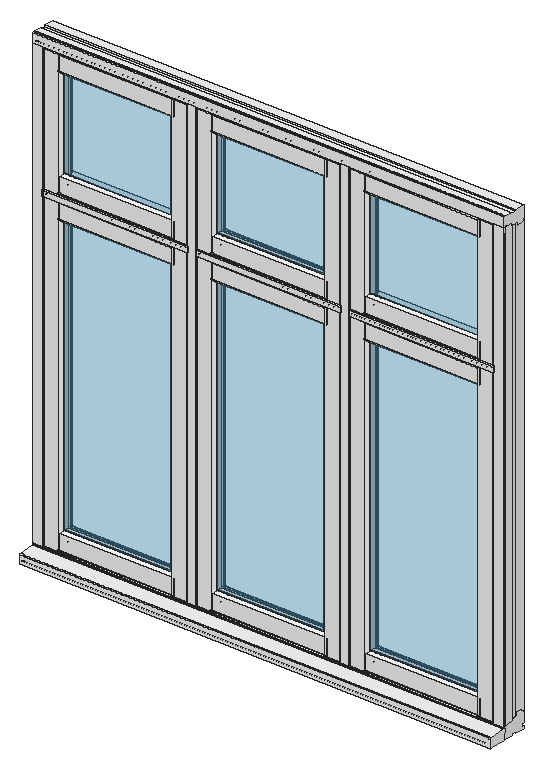
Revit family "C33", category Generic Models, Revit 2012
Parameters (values of type "Window Sill drawing")
  Width = 1778 mm
  Height = 1770 mm
  GlazingPanelMaterial = Glass
  Floor Material = White
Reference planes
  plane 1 "Center (Front/Back)": y = 0
  plane 2: z = 0
  plane 3 "Center (Left/Right)": x = 0
  plane 4: z = 33
  plane 5: x = -1328
  plane 6: x = -439
  plane 7: x = 450
  plane 8: y = 67
  plane 9: y = -67
  plane 10: z = 1770
  plane 11: z = 117
  plane 12: x = 414
  plane 13: x = 402
  plane 14: z = 60
  plane 15: y = 16.985
  plane 16: z = 1734
  plane 17: z = 1730
  plane 18: x = -1292
  plane 19: x = -1288
  plane 20: x = -132
  plane 21: x = -136
  plane 22: x = -168
  plane 23: x = -164
  plane 24: x = -710
  plane 25: x = -714
  plane 26: z = 1255.81
  plane 27: z = 1251.81
  plane 28: z = 1228.81
  plane 29: z = 1224.81
  plane 30: x = 409.987
Forms (mm)
  Extrusion 1, solid, not visible
    sketch origin (0, 0, 9.375) x (0, 1, 0) y (0, 0, 1)
      loop
        line (94.662, 311.911) -> (94.314, 312.868) -> (95.314, 312.868) -> (93.454, 317.977) -> (86.115, 317.977) -> (85.011, 317.575) -> (64.143, 317.575) -> (64.143, 311.911) -> (94.662, 311.911)
    from 0 to 250
  Extrusion 2, solid, not visible
    sketch origin (0, 0, 9.375) x (0, 1, 0) y (0, 0, 1)
      loop
        line (93.688, 317.334) -> (85.92, 317.334) -> (87.101, 312.926) -> (95.293, 312.926) -> (93.688, 317.334)
      loop
        line (91.853, 322.376) -> (91.853, 328.194)
        arc (91.853, 328.194) -> (91.424, 329.231) -> (90.388, 329.66) r 1.465
        line (90.388, 329.66) -> (71.853, 329.66) -> (71.853, 322.376) -> (91.853, 322.376)
      loop
        line (73.373, 320.598) -> (64.143, 320.598) -> (64.143, 317.575) -> (73.373, 317.575) -> (73.373, 320.598)
      loop
        line (61.169, 311.884) -> (61.169, 316.884) -> (56.169, 316.884)
        arc (56.169, 316.884) -> (53.926, 317.813) -> (52.996, 320.057) r 3.173
        line (52.996, 320.057) -> (52.996, 327.594)
        arc (52.996, 327.594) -> (53.247, 329.284) -> (54.656, 330.25) r 2.138
        line (54.656, 330.25) -> (56.493, 330.25)
        arc (56.493, 330.25) -> (57.939, 329.727) -> (58.925, 328.548) r 2.95
        line (58.925, 328.548) -> (59.306, 324.922) -> (61.24, 324.922) -> (60.612, 330.901)
        arc (60.612, 330.901) -> (59.723, 332.646) -> (57.894, 333.348) r 2.733
        line (57.894, 333.348) -> (52.423, 333.348)
        arc (52.423, 333.348) -> (50.164, 330.795) -> (49.999, 327.391) r 5.139
        line (49.999, 327.391) -> (47.957, 316.884)
        arc (47.957, 316.884) -> (49.179, 314.507) -> (49.698, 311.884) r 9.583
        line (49.698, 311.884) -> (61.169, 311.884)
    from 0 to 250
  Extrusion 3, solid, not visible
    sketch origin (-848.022, -244.537, 0) x (1, 0, 0) y (0, 1, 0)
      loop
        line (-156.504, 643.402) -> (-146.504, 653.402) -> (-146.504, 655.402) -> (-162.504, 655.402) -> (-162.504, 703.402) -> (-199.504, 703.402)
        arc (-199.504, 703.402) -> (-201.625, 702.524) -> (-202.504, 700.402) r 3
        line (-202.504, 700.402) -> (-202.504, 695.402) -> (-196.504, 695.402) -> (-196.504, 692.402) -> (-202.504, 692.402) -> (-202.504, 679.402) -> (-196.504, 679.402) -> (-196.504, 667.402) -> (-202.504, 667.402) -> (-202.504, 646.402)
        arc (-202.504, 646.402) -> (-201.625, 644.281) -> (-199.504, 643.402) r 3
        line (-199.504, 643.402) -> (-156.504, 643.402)
    from 672 to 1294
  Extrusion 4, solid, not visible
    sketch origin (-848.022, -244.537, 0) x (1, 0, 0) y (0, 1, 0)
      loop
        line (-162.504, 700.402) -> (-162.504, 681.402) -> (-150.504, 681.402) -> (-150.504, 684.402) -> (-146.504, 685.402) -> (-146.504, 689.402) -> (-149.504, 689.402)
        arc (-149.504, 689.402) -> (-151.847, 695.059) -> (-157.504, 697.402) r 8
        line (-157.504, 697.402) -> (-157.504, 700.402) -> (-162.504, 700.402)
    from 672 to 1294
  Extrusion 5, solid, not visible
    sketch origin (-511.418, -643.152, -230) x (1, 0, 0) y (0, 1, 0)
      loop
        line (-200.504, 641.902) -> (-200.504, 638.902) -> (-198.254, 638.902) -> (-198.254, 634.902) -> (-195.818, 634.902) -> (-195.818, 638.902) -> (-193.504, 638.902) -> (-193.504, 641.902) -> (-195.282, 641.902) -> (-195.282, 641.116) -> (-194.482, 641.116) -> (-194.482, 639.814) -> (-199.81, 639.814) -> (-199.81, 641.116) -> (-199.01, 641.116) -> (-199.01, 641.902) -> (-200.504, 641.902)
    from 230 to 852
  Extrusion 6, solid, not visible
    sketch origin (-511.418, -643.152, -140) x (1, 0, 0) y (0, 1, 0)
      loop
        line (-194.482, 639.814) -> (-194.482, 641.116) -> (-199.81, 641.116) -> (-199.81, 639.814) -> (-194.482, 639.814)
    from 140 to 762
  Extrusion 7, solid, not visible
    sketch origin (-511.418, -643.152, 0) x (1, 0, 0) y (0, 1, 0)
      loop
        spline (-199.847, 645.779) -> (-199.478, 645.505) -> (-199.241, 645.183) -> (-199.108, 644.823) -> (-199.048, 644.431) -> (-199.033, 644.016) -> (-199.035, 643.585) -> (-199.023, 643.147) -> (-198.97, 642.709) -> (-198.847, 642.279) -> (-198.624, 641.865) -> (-198.272, 641.475) -> (-197.764, 641.116)
        line (-197.764, 641.116) -> (-196.529, 641.116)
        spline (-196.529, 641.116) -> (-195.991, 641.457) -> (-195.612, 641.839) -> (-195.363, 642.251) -> (-195.215, 642.684) -> (-195.139, 643.129) -> (-195.106, 643.577) -> (-195.086, 644.017) -> (-195.05, 644.441) -> (-194.969, 644.838) -> (-194.814, 645.2) -> (-194.556, 645.517) -> (-194.166, 645.779)
        line (-194.166, 645.779) -> (-199.847, 645.779)
    from 0 to 622
  Extrusion 8, solid, material "White" <- "Floor Material"
    sketch origin (0, -3440.583, 266.929) x (0, 1, 0) y (0, 0, 1)
      loop
        line (3451.083, 1455.128) -> (3435.083, 1455.128)
        arc (3435.083, 1455.128) -> (3433.669, 1454.542) -> (3433.083, 1453.128) r 2
        line (3433.083, 1453.128) -> (3415.083, 1453.128)
        arc (3415.083, 1453.128) -> (3414.498, 1454.542) -> (3413.083, 1455.128) r 2
        line (3413.083, 1455.128) -> (3402.083, 1455.128) -> (3402.083, 1460.128)
        arc (3402.083, 1460.128) -> (3401.205, 1462.249) -> (3399.083, 1463.128) r 3
        line (3399.083, 1463.128) -> (3397.083, 1463.128)
        arc (3397.083, 1463.128) -> (3394.962, 1462.249) -> (3394.083, 1460.128) r 3
        line (3394.083, 1460.128) -> (3394.083, 1405.128) -> (3404.083, 1395.128) -> (3406.083, 1395.128) -> (3406.083, 1411.128) -> (3454.083, 1411.128) -> (3454.083, 1452.128)
        arc (3454.083, 1452.128) -> (3453.205, 1454.249) -> (3451.083, 1455.128) r 3
    from -657.987 to -219.993
  Sweep 9, solid, material "White" <- "Floor Material"
    path origin (16.12, -8, -4.107) x (1, 0, 0) y (0, 0, 1)
      loop
        line (-674, 1682.007) -> (-674, 1316.11) -> (-236.22, 1316.11) -> (-236.22, 1682.007) -> (-674, 1682.007)
    profile origin (-438.99, -8, 1677.9) x (0, 0, 1) y (0, -1, 0)
      loop
        line (-4.893, -19) -> (0.107, -19) -> (0.107, 0) -> (-11.893, 0) -> (-11.893, -3) -> (-15.893, -4) -> (-15.893, -8) -> (-12.893, -8)
        arc (-12.893, -8) -> (-10.55, -13.657) -> (-4.893, -16) r 8
        line (-4.893, -16) -> (-4.893, -19)
  Extrusion 10, solid, material "Glass"
    sketch origin (2388.494, -1584.07, 280) x (1, 0, 0) y (0, 1, 0)
      loop
        line (-3042.481, 1575.085) -> (-3042.481, 1571.085) -> (-2613.487, 1571.085) -> (-2613.487, 1575.085) -> (-3042.481, 1575.085)
      loop
        line (-3042.481, 1555.085) -> (-3042.481, 1551.085) -> (-2613.487, 1551.085) -> (-2613.487, 1555.085) -> (-3042.481, 1555.085)
    from 1035.803 to 1393.007
  Sweep 11, solid
    path origin (16.013, -20.977, 276) x (1, 0, 0) y (0, 0, 1)
      loop
        line (-670, 1398.057) -> (-670, 1039.803) -> (-240.013, 1039.803) -> (-240.013, 1398.057) -> (-670, 1398.057)
    profile origin (-438.993, -20.977, 1674.057) x (0, 0, 1) y (0, -1, 0)
      loop
        line (0, -8) -> (0, 8) -> (-10, 8) -> (-10, -8) -> (0, -8)
  Extrusion 12, solid, material "White" <- "Floor Material"
    sketch origin (0, -3500.599, -3.128) x (0, 1, 0) y (0, 0, 1)
      loop
        line (3457.583, 41.128) -> (3452.583, 41.128) -> (3395.213, 37.105)
        arc (3395.213, 37.105) -> (3393.335, 36.114) -> (3392.583, 34.128) r 3
        line (3392.583, 34.128) -> (3392.583, 3.128) -> (3397.583, 3.128) -> (3397.583, 5.128)
        arc (3397.583, 5.128) -> (3400.583, 8.128) -> (3403.583, 5.128) r 3
        line (3403.583, 5.128) -> (3403.583, 3.128) -> (3452.583, 3.128) -> (3452.583, 26.128) -> (3457.583, 26.128) -> (3457.583, 41.128)
    from -1328 to 450
  Extrusion 13, solid, material "White" <- "Floor Material"
    sketch origin (0, -3500.599, -3.128) x (0, 1, 0) y (0, 0, 1)
      loop
        line (3546.583, 58.128) -> (3543.583, 58.128)
        arc (3543.583, 58.128) -> (3540.655, 65.199) -> (3533.583, 68.128) r 10
        line (3533.583, 68.128) -> (3533.583, 71.128) -> (3517.583, 71.128) -> (3517.583, 63.128) -> (3523.583, 63.128) -> (3523.583, 60.128) -> (3517.583, 60.128) -> (3517.583, 59.128) -> (3494.583, 56.128) -> (3494.583, 51.128) -> (3454.583, 46.128)
        arc (3454.583, 46.128) -> (3453.169, 45.542) -> (3452.583, 44.128) r 2
        line (3452.583, 44.128) -> (3452.583, 41.128) -> (3457.583, 41.128) -> (3457.583, 26.128) -> (3452.583, 26.128) -> (3452.583, 3.128) -> (3457.583, 3.128) -> (3457.583, 5.128)
        arc (3457.583, 5.128) -> (3460.583, 8.128) -> (3463.583, 5.128) r 3
        line (3463.583, 5.128) -> (3463.583, 3.128) -> (3489.583, 3.128) -> (3489.583, 8.128) -> (3509.583, 8.128) -> (3509.583, 3.128) -> (3546.583, 3.128) -> (3546.583, 13.128) -> (3536.583, 13.128) -> (3536.583, 23.128) -> (3546.583, 23.128) -> (3546.583, 58.128)
    from -1328 to 450
  Sweep 14, solid, material "White" <- "Floor Material"
    path origin (0, 0, 0) x (1, 0, 0) y (0, 0, 1)
      loop
        line (-1328, 1770) -> (450, 1770)
    profile origin (-439, 0, 1770) x (0, 0, 1) y (0, -1, 0)
      loop
        line (0, -10) -> (-5, -10) -> (-5, 10) -> (0, 10) -> (0, 36) -> (-2, 36)
        arc (-2, 36) -> (-5, 39) -> (-2, 42) r 3
        line (-2, 42) -> (0, 42) -> (0, 47) -> (-36, 47) -> (-36, 43)
        arc (-36, 43) -> (-34.834, 41.499) -> (-33, 41) r 3
        line (-33, 41) -> (-33, 34.079)
        arc (-33, 34.079) -> (-34.922, 33.441) -> (-36, 31.727) r 3
        line (-36, 31.727) -> (-36, 7) -> (-44, 7) -> (-44, -1) -> (-36, -1) -> (-36, -4) -> (-44, -4) -> (-44, -14) -> (-36, -14) -> (-36, -18) -> (-56, -18) -> (-56, -34) -> (-53, -34)
        arc (-53, -34) -> (-50.071, -41.071) -> (-43, -44) r 10
        line (-43, -44) -> (-43, -47) -> (0, -47) -> (0, -10)
  Extrusion 15, solid, material "White" <- "Floor Material"
    sketch origin (753.141, -3440.699, 1654.007) x (0, 1, 0) y (-1, 0, 0)
      loop
        line (3451.083, 1455.128) -> (3435.083, 1455.128)
        arc (3435.083, 1455.128) -> (3433.669, 1454.542) -> (3433.083, 1453.128) r 2
        line (3433.083, 1453.128) -> (3415.083, 1453.128)
        arc (3415.083, 1453.128) -> (3414.498, 1454.542) -> (3413.083, 1455.128) r 2
        line (3413.083, 1455.128) -> (3402.083, 1455.128) -> (3402.083, 1460.128)
        arc (3402.083, 1460.128) -> (3401.205, 1462.249) -> (3399.083, 1463.128) r 3
        line (3399.083, 1463.128) -> (3397.083, 1463.128)
        arc (3397.083, 1463.128) -> (3394.962, 1462.249) -> (3394.083, 1460.128) r 3
        line (3394.083, 1460.128) -> (3394.083, 1405.128) -> (3404.083, 1395.128) -> (3406.083, 1395.128) -> (3406.083, 1411.128) -> (3454.083, 1411.128) -> (3454.083, 1452.128)
        arc (3454.083, 1452.128) -> (3453.205, 1454.249) -> (3451.083, 1455.128) r 3
    from -398.197 to 76.051
  Extrusion 16, solid, material "White" <- "Floor Material"
    sketch origin (-1521.128, -3440.699, 1654.007) x (0, 1, 0) y (-1, 0, 0)
      loop
        arc (3451.083, -1345.128) -> (3453.205, -1344.249) -> (3454.083, -1342.128) r 3
        line (3454.083, -1342.128) -> (3454.083, -1301.128) -> (3406.083, -1301.128) -> (3406.083, -1285.128) -> (3404.083, -1285.128) -> (3394.083, -1295.128) -> (3394.083, -1350.128)
        arc (3394.083, -1350.128) -> (3394.962, -1352.249) -> (3397.083, -1353.128) r 3
        line (3397.083, -1353.128) -> (3399.083, -1353.128)
        arc (3399.083, -1353.128) -> (3401.205, -1352.249) -> (3402.083, -1350.128) r 3
        line (3402.083, -1350.128) -> (3402.083, -1345.128) -> (3413.083, -1345.128)
        arc (3413.083, -1345.128) -> (3414.498, -1344.542) -> (3415.083, -1343.128) r 2
        line (3415.083, -1343.128) -> (3433.083, -1343.128)
        arc (3433.083, -1343.128) -> (3433.669, -1344.542) -> (3435.083, -1345.128) r 2
        line (3435.083, -1345.128) -> (3451.083, -1345.128)
    from -398.197 to 76.051
  Extrusion 17, solid, material "White" <- "Floor Material"
    sketch origin (-14.349, -3440.583, 2722.931) x (0, 1, 0) y (0, 0, 1)
      loop
        arc (3451.083, -1455.128) -> (3453.205, -1454.249) -> (3454.083, -1452.128) r 3
        line (3454.083, -1452.128) -> (3454.083, -1411.128) -> (3406.083, -1411.128) -> (3406.083, -1395.128) -> (3404.083, -1395.128) -> (3394.083, -1405.128) -> (3394.083, -1464.121)
        arc (3394.083, -1464.121) -> (3394.962, -1466.243) -> (3397.083, -1467.121) r 3
        line (3397.083, -1467.121) -> (3399.083, -1467.121)
        arc (3399.083, -1467.121) -> (3401.205, -1466.243) -> (3402.083, -1464.121) r 3
        line (3402.083, -1464.121) -> (3402.083, -1455.128) -> (3413.083, -1455.128)
        arc (3413.083, -1455.128) -> (3414.498, -1454.542) -> (3415.083, -1453.128) r 2
        line (3415.083, -1453.128) -> (3433.083, -1453.128)
        arc (3433.083, -1453.128) -> (3433.669, -1454.542) -> (3435.083, -1455.128) r 2
        line (3435.083, -1455.128) -> (3451.083, -1455.128)
    from -643.638 to -205.644
  Extrusion 18, solid, material "White" <- "Floor Material"
    sketch origin (-1476.128, -3440.699, 1654.007) x (0, 1, 0) y (-1, 0, 0)
      loop
        line (3397.083, -1312.128) -> (3393.083, -1312.128) -> (3393.083, -1340.128) -> (3397.083, -1340.128)
        arc (3397.083, -1340.128) -> (3398.498, -1339.542) -> (3399.083, -1338.128) r 2
        line (3399.083, -1338.128) -> (3399.083, -1337.128) -> (3406.083, -1337.128) -> (3406.083, -1338.128)
        arc (3406.083, -1338.128) -> (3406.669, -1339.542) -> (3408.083, -1340.128) r 2
        line (3408.083, -1340.128) -> (3433.083, -1340.128) -> (3433.083, -1346.128) -> (3441.083, -1346.128) -> (3441.083, -1340.128) -> (3444.083, -1340.128) -> (3444.083, -1348.128) -> (3454.083, -1348.128) -> (3454.083, -1340.128) -> (3458.083, -1340.128) -> (3458.083, -1360.128) -> (3474.083, -1360.128) -> (3474.083, -1357.128)
        arc (3474.083, -1357.128) -> (3481.155, -1354.199) -> (3484.083, -1347.128) r 10
        line (3484.083, -1347.128) -> (3487.083, -1347.128) -> (3487.083, -1305.128) -> (3484.083, -1305.128)
        arc (3484.083, -1305.128) -> (3481.155, -1298.057) -> (3474.083, -1295.128) r 10
        line (3474.083, -1295.128) -> (3474.083, -1292.128) -> (3458.083, -1292.128) -> (3458.083, -1312.128) -> (3454.083, -1312.128) -> (3454.083, -1304.128) -> (3444.083, -1304.128) -> (3444.083, -1312.128) -> (3441.083, -1312.128) -> (3441.083, -1306.128) -> (3433.083, -1306.128) -> (3433.083, -1312.128) -> (3408.083, -1312.128)
        arc (3408.083, -1312.128) -> (3406.669, -1312.714) -> (3406.083, -1314.128) r 2
        line (3406.083, -1314.128) -> (3406.083, -1315.128) -> (3399.083, -1315.128) -> (3399.083, -1314.128)
        arc (3399.083, -1314.128) -> (3398.498, -1312.714) -> (3397.083, -1312.128) r 2
    from -1606.007 to 79.993
  Extrusion 19, solid, material "White" <- "Floor Material"
    sketch origin (-300, -3440.583, 266.513) x (0, 1, 0) y (0, 0, -1)
      loop
        arc (3451.083, -1455.128) -> (3453.205, -1454.249) -> (3454.083, -1452.128) r 3
        line (3454.083, -1452.128) -> (3454.083, -1411.128) -> (3406.083, -1411.128) -> (3406.083, -1395.128) -> (3404.083, -1395.128) -> (3394.083, -1405.128) -> (3394.083, -1460.128)
        arc (3394.083, -1460.128) -> (3394.962, -1462.249) -> (3397.083, -1463.128) r 3
        line (3397.083, -1463.128) -> (3399.083, -1463.128)
        arc (3399.083, -1463.128) -> (3401.205, -1462.249) -> (3402.083, -1460.128) r 3
        line (3402.083, -1460.128) -> (3402.083, -1455.128) -> (3413.083, -1455.128)
        arc (3413.083, -1455.128) -> (3414.498, -1454.542) -> (3415.083, -1453.128) r 2
        line (3415.083, -1453.128) -> (3433.083, -1453.128)
        arc (3433.083, -1453.128) -> (3433.669, -1454.542) -> (3435.083, -1455.128) r 2
        line (3435.083, -1455.128) -> (3451.083, -1455.128)
    from -657.92 to -220.093
  Extrusion 20, solid, material "White" <- "Floor Material"
    sketch origin (-300, -3440.199, 1515.078) x (0, 1, 0) y (0, 0, -1)
      loop
        line (3451.083, 1455.128) -> (3435.083, 1455.128)
        arc (3435.083, 1455.128) -> (3433.669, 1454.542) -> (3433.083, 1453.128) r 2
        line (3433.083, 1453.128) -> (3415.083, 1453.128)
        arc (3415.083, 1453.128) -> (3414.498, 1454.542) -> (3413.083, 1455.128) r 2
        line (3413.083, 1455.128) -> (3402.083, 1455.128) -> (3402.083, 1464.078)
        arc (3402.083, 1464.078) -> (3401.205, 1466.2) -> (3399.083, 1467.078) r 3
        line (3399.083, 1467.078) -> (3397.083, 1467.078)
        arc (3397.083, 1467.078) -> (3394.962, 1466.2) -> (3394.083, 1464.078) r 3
        line (3394.083, 1464.078) -> (3394.083, 1405.128) -> (3404.083, 1395.128) -> (3406.083, 1395.128) -> (3406.083, 1411.128) -> (3454.083, 1411.128) -> (3454.083, 1452.128)
        arc (3454.083, 1452.128) -> (3453.205, 1454.249) -> (3451.083, 1455.128) r 3
    from -657.92 to -220.093
  Extrusion 21, solid, material "White" <- "Floor Material"
    sketch origin (0, -3440.583, 1515.128) x (0, 1, 0) y (0, 0, 1)
      loop
        arc (3451.083, -1455.128) -> (3453.205, -1454.249) -> (3454.083, -1452.128) r 3
        line (3454.083, -1452.128) -> (3454.083, -1411.128) -> (3406.083, -1411.128) -> (3406.083, -1395.128) -> (3404.083, -1395.128) -> (3394.083, -1405.128) -> (3394.083, -1464.128)
        arc (3394.083, -1464.128) -> (3394.962, -1466.249) -> (3397.083, -1467.128) r 3
        line (3397.083, -1467.128) -> (3399.083, -1467.128)
        arc (3399.083, -1467.128) -> (3401.205, -1466.249) -> (3402.083, -1464.128) r 3
        line (3402.083, -1464.128) -> (3402.083, -1455.128) -> (3413.083, -1455.128)
        arc (3413.083, -1455.128) -> (3414.498, -1454.542) -> (3415.083, -1453.128) r 2
        line (3415.083, -1453.128) -> (3433.083, -1453.128)
        arc (3433.083, -1453.128) -> (3433.669, -1454.542) -> (3435.083, -1455.128) r 2
        line (3435.083, -1455.128) -> (3451.083, -1455.128)
    from -657.987 to -219.993
  Extrusion 22, solid, material "White" <- "Floor Material"
    sketch origin (-2125.852, -3440.699, -191.1) x (0, 1, 0) y (0, 0, -1)
      loop
        line (3397.083, -1421.91) -> (3393.083, -1421.91) -> (3393.083, -1441.91) -> (3393.083, -1442.91)
        arc (3393.083, -1442.91) -> (3393.669, -1444.325) -> (3395.083, -1444.91) r 2
        line (3395.083, -1444.91) -> (3435.083, -1450.128) -> (3435.083, -1455.128) -> (3458.083, -1458.128) -> (3458.083, -1459.128) -> (3464.083, -1459.128) -> (3464.083, -1462.128) -> (3458.083, -1462.128) -> (3458.083, -1470.128) -> (3474.083, -1470.128) -> (3474.083, -1467.128)
        arc (3474.083, -1467.128) -> (3481.155, -1464.199) -> (3484.083, -1457.128) r 10
        line (3484.083, -1457.128) -> (3487.083, -1457.128) -> (3487.083, -1415.128) -> (3484.083, -1415.128)
        arc (3484.083, -1415.128) -> (3481.155, -1408.057) -> (3474.083, -1405.128) r 10
        line (3474.083, -1405.128) -> (3474.083, -1402.128) -> (3458.083, -1402.128) -> (3458.083, -1422.128) -> (3454.083, -1422.128) -> (3454.083, -1413.91) -> (3444.083, -1413.91) -> (3444.083, -1421.91) -> (3441.083, -1421.91) -> (3441.083, -1415.91) -> (3433.083, -1415.91) -> (3433.083, -1421.91) -> (3408.083, -1421.91)
        arc (3408.083, -1421.91) -> (3406.669, -1422.496) -> (3406.083, -1423.91) r 2
        line (3406.083, -1423.91) -> (3406.083, -1424.91) -> (3399.083, -1424.91) -> (3399.083, -1423.91)
        arc (3399.083, -1423.91) -> (3398.498, -1422.496) -> (3397.083, -1421.91) r 2
    from -1961.852 to -1411.852
  Extrusion 23, solid, material "White" <- "Floor Material"
    sketch origin (-31.073, -3440.583, -234.318) x (0, 1, 0) y (0, 0, 1)
      loop
        line (3451.083, 1455.128) -> (3435.083, 1455.128)
        arc (3435.083, 1455.128) -> (3433.669, 1454.542) -> (3433.083, 1453.128) r 2
        line (3433.083, 1453.128) -> (3415.083, 1453.128)
        arc (3415.083, 1453.128) -> (3414.498, 1454.542) -> (3413.083, 1455.128) r 2
        line (3413.083, 1455.128) -> (3402.083, 1455.128) -> (3402.083, 1460.128)
        arc (3402.083, 1460.128) -> (3401.205, 1462.249) -> (3399.083, 1463.128) r 3
        line (3399.083, 1463.128) -> (3397.083, 1463.128)
        arc (3397.083, 1463.128) -> (3394.962, 1462.249) -> (3394.083, 1460.128) r 3
        line (3394.083, 1460.128) -> (3394.083, 1405.128) -> (3404.083, 1395.128) -> (3406.083, 1395.128) -> (3406.083, 1411.128) -> (3454.083, 1411.128) -> (3454.083, 1452.128)
        arc (3454.083, 1452.128) -> (3453.205, 1454.249) -> (3451.083, 1455.128) r 3
    from -626.914 to -188.92
  Sweep 24, solid, material "White" <- "Floor Material"
    path origin (16.12, -8, -514.094) x (1, 0, 0) y (0, 0, 1)
      loop
        line (-674, 1689.021) -> (-674, 618.194) -> (-236.22, 618.194) -> (-236.22, 1689.021) -> (-674, 1689.021)
    profile origin (-438.99, -8, 1174.927) x (0, 0, 1) y (0, -1, 0)
      loop
        line (-4.893, -19) -> (0.107, -19) -> (0.107, 0) -> (-11.893, 0) -> (-11.893, -3) -> (-15.893, -4) -> (-15.893, -8) -> (-12.893, -8)
        arc (-12.893, -8) -> (-10.55, -13.657) -> (-4.893, -16) r 8
        line (-4.893, -16) -> (-4.893, -19)
  Extrusion 25, solid, material "White" <- "Floor Material"
    sketch origin (753.141, -3440.699, 1144.02) x (0, 1, 0) y (-1, 0, 0)
      loop
        line (3451.083, 1455.128) -> (3435.083, 1455.128)
        arc (3435.083, 1455.128) -> (3433.669, 1454.542) -> (3433.083, 1453.128) r 2
        line (3433.083, 1453.128) -> (3415.083, 1453.128)
        arc (3415.083, 1453.128) -> (3414.498, 1454.542) -> (3413.083, 1455.128) r 2
        line (3413.083, 1455.128) -> (3402.083, 1455.128) -> (3402.083, 1460.128)
        arc (3402.083, 1460.128) -> (3401.205, 1462.249) -> (3399.083, 1463.128) r 3
        line (3399.083, 1463.128) -> (3397.083, 1463.128)
        arc (3397.083, 1463.128) -> (3394.962, 1462.249) -> (3394.083, 1460.128) r 3
        line (3394.083, 1460.128) -> (3394.083, 1405.128) -> (3404.083, 1395.128) -> (3406.083, 1395.128) -> (3406.083, 1411.128) -> (3454.083, 1411.128) -> (3454.083, 1452.128)
        arc (3454.083, 1452.128) -> (3453.205, 1454.249) -> (3451.083, 1455.128) r 3
    from -1096.143 to 84.79
  Extrusion 26, solid, material "White" <- "Floor Material"
    sketch origin (-1521.128, -3440.699, 1144.02) x (0, 1, 0) y (-1, 0, 0)
      loop
        arc (3451.083, -1345.128) -> (3453.205, -1344.249) -> (3454.083, -1342.128) r 3
        line (3454.083, -1342.128) -> (3454.083, -1301.128) -> (3406.083, -1301.128) -> (3406.083, -1285.128) -> (3404.083, -1285.128) -> (3394.083, -1295.128) -> (3394.083, -1350.128)
        arc (3394.083, -1350.128) -> (3394.962, -1352.249) -> (3397.083, -1353.128) r 3
        line (3397.083, -1353.128) -> (3399.083, -1353.128)
        arc (3399.083, -1353.128) -> (3401.205, -1352.249) -> (3402.083, -1350.128) r 3
        line (3402.083, -1350.128) -> (3402.083, -1345.128) -> (3413.083, -1345.128)
        arc (3413.083, -1345.128) -> (3414.498, -1344.542) -> (3415.083, -1343.128) r 2
        line (3415.083, -1343.128) -> (3433.083, -1343.128)
        arc (3433.083, -1343.128) -> (3433.669, -1344.542) -> (3435.083, -1345.128) r 2
        line (3435.083, -1345.128) -> (3451.083, -1345.128)
    from -1096.02 to 84.79
  Extrusion 27, solid, material "Glass"
    sketch origin (2388.494, -1584.07, -509.987) x (1, 0, 0) y (0, 1, 0)
      loop
        line (-3042.481, 1575.085) -> (-3042.481, 1571.085) -> (-2608.487, 1571.085) -> (-2608.487, 1575.085) -> (-3042.481, 1575.085)
      loop
        line (-3042.481, 1555.085) -> (-3042.481, 1551.085) -> (-2608.487, 1551.085) -> (-2608.487, 1555.085) -> (-3042.481, 1555.085)
    from 617.987 to 1680.797
  Sweep 28, solid
    path origin (16.013, -20.977, -513.987) x (1, 0, 0) y (0, 0, 1)
      loop
        line (-670, 1685.021) -> (-670, 621.987) -> (-240.006, 621.987) -> (-240.006, 1685.021) -> (-670, 1685.021)
    profile origin (-438.99, -20.977, 1171.034) x (0, 0, 1) y (0, -1, 0)
      loop
        line (0, -8) -> (0, 8) -> (-10, 8) -> (-10, -8) -> (0, -8)
  Sweep 29, solid, material "White" <- "Floor Material"
    path origin (593.813, -8, -514.094) x (1, 0, 0) y (0, 0, 1)
      loop
        line (-673.613, 2191.534) -> (-673.613, 618.194) -> (-236, 618.194) -> (-236, 2191.534) -> (-673.613, 2191.534)
    profile origin (139.007, -8, 1677.441) x (0, 0, 1) y (0, -1, 0)
      loop
        line (-4.893, -19) -> (0.107, -19) -> (0.107, 0) -> (-11.893, 0) -> (-11.893, -3) -> (-15.893, -4) -> (-15.893, -8) -> (-12.893, -8)
        arc (-12.893, -8) -> (-10.55, -13.657) -> (-4.893, -16) r 8
        line (-4.893, -16) -> (-4.893, -19)
  Extrusion 30, solid, material "Glass"
    sketch origin (2966.187, -1584.07, -509.987) x (1, 0, 0) y (0, 1, 0)
      loop
        line (-3041.094, 1575.085) -> (-3041.094, 1571.085) -> (-2612.267, 1571.085) -> (-2612.267, 1575.085) -> (-3041.094, 1575.085)
      loop
        line (-3041.96, 1555.085) -> (-3041.96, 1551.085) -> (-2612.267, 1551.085) -> (-2612.267, 1555.085) -> (-3041.96, 1555.085)
    from 617.987 to 2182.534
  Sweep 31, solid
    path origin (593.706, -20.977, -513.987) x (1, 0, 0) y (0, 0, 1)
      loop
        line (-669.479, 2187.987) -> (-669.479, 621.987) -> (-239.786, 621.987) -> (-239.786, 2187.987) -> (-669.479, 2187.987)
    profile origin (139.074, -20.977, 1674) x (0, 0, 1) y (0, -1, 0)
      loop
        line (0, -8) -> (0, 8) -> (-10, 8) -> (-10, -8) -> (0, -8)
  Extrusion 32, solid, material "White" <- "Floor Material"
    sketch origin (-578, -3440.583, 266.929) x (0, 1, 0) y (0, 0, 1)
      loop
        line (3451.083, 1455.128) -> (3435.083, 1455.128)
        arc (3435.083, 1455.128) -> (3433.669, 1454.542) -> (3433.083, 1453.128) r 2
        line (3433.083, 1453.128) -> (3415.083, 1453.128)
        arc (3415.083, 1453.128) -> (3414.498, 1454.542) -> (3413.083, 1455.128) r 2
        line (3413.083, 1455.128) -> (3402.083, 1455.128) -> (3402.083, 1460.128)
        arc (3402.083, 1460.128) -> (3401.205, 1462.249) -> (3399.083, 1463.128) r 3
        line (3399.083, 1463.128) -> (3397.083, 1463.128)
        arc (3397.083, 1463.128) -> (3394.962, 1462.249) -> (3394.083, 1460.128) r 3
        line (3394.083, 1460.128) -> (3394.083, 1405.128) -> (3404.083, 1395.128) -> (3406.083, 1395.128) -> (3406.083, 1411.128) -> (3454.083, 1411.128) -> (3454.083, 1452.128)
        arc (3454.083, 1452.128) -> (3453.205, 1454.249) -> (3451.083, 1455.128) r 3
    from -657.987 to -219.993
  Sweep 33, solid, material "White" <- "Floor Material"
    path origin (-561.88, -8, -4.107) x (1, 0, 0) y (0, 0, 1)
      loop
        line (-674, 1682.007) -> (-674, 108.207) -> (-236.22, 108.207) -> (-236.22, 1682.007) -> (-674, 1682.007)
    profile origin (-1016.99, -8, 1677.9) x (0, 0, 1) y (0, -1, 0)
      loop
        line (-4.893, -19) -> (0.107, -19) -> (0.107, 0) -> (-11.893, 0) -> (-11.893, -3) -> (-15.893, -4) -> (-15.893, -8) -> (-12.893, -8)
        arc (-12.893, -8) -> (-10.55, -13.657) -> (-4.893, -16) r 8
        line (-4.893, -16) -> (-4.893, -19)
  Extrusion 34, solid, material "Glass"
    sketch origin (1810.494, -1584.07, 280) x (1, 0, 0) y (0, 1, 0)
      loop
        line (-3042.481, 1575.085) -> (-3042.481, 1571.085) -> (-2613.487, 1571.085) -> (-2613.487, 1575.085) -> (-3042.481, 1575.085)
      loop
        line (-3042.481, 1555.085) -> (-3042.481, 1551.085) -> (-2613.487, 1551.085) -> (-2613.487, 1555.085) -> (-3042.481, 1555.085)
    from -172.007 to 1393.007
  Sweep 35, solid
    path origin (-561.987, -20.977, 276) x (1, 0, 0) y (0, 0, 1)
      loop
        line (-670, 1398.057) -> (-670, -168.007) -> (-240.013, -168.007) -> (-240.013, 1398.057) -> (-670, 1398.057)
    profile origin (-1016.993, -20.977, 1674.057) x (0, 0, 1) y (0, -1, 0)
      loop
        line (0, -8) -> (0, 8) -> (-10, 8) -> (-10, -8) -> (0, -8)
  Extrusion 36, solid, material "White" <- "Floor Material"
    sketch origin (-2054.128, -3440.699, 1654.007) x (0, 1, 0) y (-1, 0, 0)
      loop
        line (3397.083, -1312.128) -> (3393.083, -1312.128) -> (3393.083, -1340.128) -> (3397.083, -1340.128)
        arc (3397.083, -1340.128) -> (3398.498, -1339.542) -> (3399.083, -1338.128) r 2
        line (3399.083, -1338.128) -> (3399.083, -1337.128) -> (3406.083, -1337.128) -> (3406.083, -1338.128)
        arc (3406.083, -1338.128) -> (3406.669, -1339.542) -> (3408.083, -1340.128) r 2
        line (3408.083, -1340.128) -> (3433.083, -1340.128) -> (3433.083, -1346.128) -> (3441.083, -1346.128) -> (3441.083, -1340.128) -> (3444.083, -1340.128) -> (3444.083, -1348.128) -> (3454.083, -1348.128) -> (3454.083, -1340.128) -> (3458.083, -1340.128) -> (3458.083, -1360.128) -> (3474.083, -1360.128) -> (3474.083, -1357.128)
        arc (3474.083, -1357.128) -> (3481.155, -1354.199) -> (3484.083, -1347.128) r 10
        line (3484.083, -1347.128) -> (3487.083, -1347.128) -> (3487.083, -1305.128) -> (3484.083, -1305.128)
        arc (3484.083, -1305.128) -> (3481.155, -1298.057) -> (3474.083, -1295.128) r 10
        line (3474.083, -1295.128) -> (3474.083, -1292.128) -> (3458.083, -1292.128) -> (3458.083, -1312.128) -> (3454.083, -1312.128) -> (3454.083, -1304.128) -> (3444.083, -1304.128) -> (3444.083, -1312.128) -> (3441.083, -1312.128) -> (3441.083, -1306.128) -> (3433.083, -1306.128) -> (3433.083, -1312.128) -> (3408.083, -1312.128)
        arc (3408.083, -1312.128) -> (3406.669, -1312.714) -> (3406.083, -1314.128) r 2
        line (3406.083, -1314.128) -> (3406.083, -1315.128) -> (3399.083, -1315.128) -> (3399.083, -1314.128)
        arc (3399.083, -1314.128) -> (3398.498, -1312.714) -> (3397.083, -1312.128) r 2
    from -1606.007 to 79.993
  Extrusion 37, solid, material "White" <- "Floor Material"
    sketch origin (-578, -3440.583, 1515.128) x (0, 1, 0) y (0, 0, 1)
      loop
        arc (3451.083, -1455.128) -> (3453.205, -1454.249) -> (3454.083, -1452.128) r 3
        line (3454.083, -1452.128) -> (3454.083, -1411.128) -> (3406.083, -1411.128) -> (3406.083, -1395.128) -> (3404.083, -1395.128) -> (3394.083, -1405.128) -> (3394.083, -1464.128)
        arc (3394.083, -1464.128) -> (3394.962, -1466.249) -> (3397.083, -1467.128) r 3
        line (3397.083, -1467.128) -> (3399.083, -1467.128)
        arc (3399.083, -1467.128) -> (3401.205, -1466.249) -> (3402.083, -1464.128) r 3
        line (3402.083, -1464.128) -> (3402.083, -1455.128) -> (3413.083, -1455.128)
        arc (3413.083, -1455.128) -> (3414.498, -1454.542) -> (3415.083, -1453.128) r 2
        line (3415.083, -1453.128) -> (3433.083, -1453.128)
        arc (3433.083, -1453.128) -> (3433.669, -1454.542) -> (3435.083, -1455.128) r 2
        line (3435.083, -1455.128) -> (3451.083, -1455.128)
    from -657.987 to -219.993
  Sweep 38, solid, material "White" <- "Floor Material"
    path origin (442, 0, 406) x (0, 0, -1) y (1, 0, 0)
      loop
        line (-1328, -1770) -> (406, -1770)
    profile origin (-1328, 0, 867) x (0, -1, 0) y (1, 0, 0)
      loop
        line (-10, 0) -> (-10, 5) -> (10, 5) -> (10, 0) -> (36, 0) -> (36, 2)
        arc (36, 2) -> (39, 5) -> (42, 2) r 3
        line (42, 2) -> (42, 0) -> (47, 0) -> (47, 36) -> (43, 36)
        arc (43, 36) -> (41.499, 34.834) -> (41, 33) r 3
        line (41, 33) -> (34.079, 33)
        arc (34.079, 33) -> (33.441, 34.922) -> (31.727, 36) r 3
        line (31.727, 36) -> (7, 36) -> (7, 44) -> (-1, 44) -> (-1, 36) -> (-4, 36) -> (-4, 44) -> (-14, 44) -> (-14, 36) -> (-18, 36) -> (-18, 56) -> (-34, 56) -> (-34, 53)
        arc (-34, 53) -> (-41.071, 50.071) -> (-44, 43) r 10
        line (-44, 43) -> (-47, 43) -> (-47, 0) -> (-10, 0)
  Sweep 39, solid, material "White" <- "Floor Material"
    path origin (-1320, 0, 406) x (0, 0, -1) y (1, 0, 0)
      loop
        line (-1328, 1770) -> (406, 1770)
    profile origin (450, 0, 867) x (0, -1, 0) y (1, 0, 0)
      loop
        line (-10, 0) -> (-47, 0) -> (-47, -43) -> (-44, -43)
        arc (-44, -43) -> (-41.071, -50.071) -> (-34, -53) r 10
        line (-34, -53) -> (-34, -56) -> (-18, -56) -> (-18, -36) -> (-14, -36) -> (-14, -44) -> (-4, -44) -> (-4, -36) -> (-1, -36) -> (-1, -44) -> (7, -44) -> (7, -36) -> (31.727, -36)
        arc (31.727, -36) -> (33.441, -34.922) -> (34.079, -33) r 3
        line (34.079, -33) -> (41, -33)
        arc (41, -33) -> (41.499, -34.834) -> (43, -36) r 3
        line (43, -36) -> (47, -36) -> (47, 0) -> (42, 0) -> (42, -2)
        arc (42, -2) -> (39, -5) -> (36, -2) r 3
        line (36, -2) -> (36, 0) -> (10, 0) -> (10, -5) -> (-10, -5) -> (-10, 0)
  Sweep 40, void
    path origin (0, 0, 0) x (1, 0, 0) y (0, 1, 0)
      loop
        line (-1328, -1.015) -> (450, -1.015)
    profile origin (-439, -1.015, 0) x (0, 1, 0) y (0, 0, 1)
      loop
        line (47, 55) -> (44, 55)
        arc (44, 55) -> (41.071, 62.071) -> (34, 65) r 10
        line (34, 65) -> (34, 68) -> (18, 68) -> (18, 60) -> (24, 60) -> (24, 57) -> (18, 57) -> (18, 56) -> (-5, 53) -> (-5, 48) -> (-45, 43)
        arc (-45, 43) -> (-46.414, 42.414) -> (-47, 41) r 2
        line (-47, 41) -> (-47, 38) -> (-79.364, 33.978) -> (-104.37, 30.977) -> (-129.37, 27.977)
        arc (-129.37, 27.977) -> (-131.248, 26.986) -> (-132, 25) r 3
        line (-132, 25) -> (-132, -5) -> (58, -5) -> (58, 55) -> (47, 55)
  Extrusion 41, solid, material "White" <- "Floor Material"
    sketch origin (-1547.852, -3440.699, -191.1) x (0, 1, 0) y (0, 0, -1)
      loop
        line (3397.083, -1421.91) -> (3393.083, -1421.91) -> (3393.083, -1441.91) -> (3393.083, -1442.91)
        arc (3393.083, -1442.91) -> (3393.669, -1444.325) -> (3395.083, -1444.91) r 2
        line (3395.083, -1444.91) -> (3435.083, -1450.128) -> (3435.083, -1455.128) -> (3458.083, -1458.128) -> (3458.083, -1459.128) -> (3464.083, -1459.128) -> (3464.083, -1462.128) -> (3458.083, -1462.128) -> (3458.083, -1470.128) -> (3474.083, -1470.128) -> (3474.083, -1467.128)
        arc (3474.083, -1467.128) -> (3481.155, -1464.199) -> (3484.083, -1457.128) r 10
        line (3484.083, -1457.128) -> (3487.083, -1457.128) -> (3487.083, -1415.128) -> (3484.083, -1415.128)
        arc (3484.083, -1415.128) -> (3481.155, -1408.057) -> (3474.083, -1405.128) r 10
        line (3474.083, -1405.128) -> (3474.083, -1402.128) -> (3458.083, -1402.128) -> (3458.083, -1422.128) -> (3454.083, -1422.128) -> (3454.083, -1413.91) -> (3444.083, -1413.91) -> (3444.083, -1421.91) -> (3441.083, -1421.91) -> (3441.083, -1415.91) -> (3433.083, -1415.91) -> (3433.083, -1421.91) -> (3408.083, -1421.91)
        arc (3408.083, -1421.91) -> (3406.669, -1422.496) -> (3406.083, -1423.91) r 2
        line (3406.083, -1423.91) -> (3406.083, -1424.91) -> (3399.083, -1424.91) -> (3399.083, -1423.91)
        arc (3399.083, -1423.91) -> (3398.498, -1422.496) -> (3397.083, -1421.91) r 2
    from -1961.852 to -1411.852
  Extrusion 42, solid, material "White" <- "Floor Material"
    sketch origin (546.927, -3440.583, -234.318) x (0, 1, 0) y (0, 0, 1)
      loop
        line (3451.083, 1455.128) -> (3435.083, 1455.128)
        arc (3435.083, 1455.128) -> (3433.669, 1454.542) -> (3433.083, 1453.128) r 2
        line (3433.083, 1453.128) -> (3415.083, 1453.128)
        arc (3415.083, 1453.128) -> (3414.498, 1454.542) -> (3413.083, 1455.128) r 2
        line (3413.083, 1455.128) -> (3402.083, 1455.128) -> (3402.083, 1460.128)
        arc (3402.083, 1460.128) -> (3401.205, 1462.249) -> (3399.083, 1463.128) r 3
        line (3399.083, 1463.128) -> (3397.083, 1463.128)
        arc (3397.083, 1463.128) -> (3394.962, 1462.249) -> (3394.083, 1460.128) r 3
        line (3394.083, 1460.128) -> (3394.083, 1405.128) -> (3404.083, 1395.128) -> (3406.083, 1395.128) -> (3406.083, 1411.128) -> (3454.083, 1411.128) -> (3454.083, 1452.128)
        arc (3454.083, 1452.128) -> (3453.205, 1454.249) -> (3451.083, 1455.128) r 3
    from -626.834 to -189.007
  Extrusion 43, solid, material "White" <- "Floor Material"
    sketch origin (-2703.852, -3440.699, -191.1) x (0, 1, 0) y (0, 0, -1)
      loop
        line (3397.083, -1421.91) -> (3393.083, -1421.91) -> (3393.083, -1441.91) -> (3393.083, -1442.91)
        arc (3393.083, -1442.91) -> (3393.669, -1444.325) -> (3395.083, -1444.91) r 2
        line (3395.083, -1444.91) -> (3435.083, -1450.128) -> (3435.083, -1455.128) -> (3458.083, -1458.128) -> (3458.083, -1459.128) -> (3464.083, -1459.128) -> (3464.083, -1462.128) -> (3458.083, -1462.128) -> (3458.083, -1470.128) -> (3474.083, -1470.128) -> (3474.083, -1467.128)
        arc (3474.083, -1467.128) -> (3481.155, -1464.199) -> (3484.083, -1457.128) r 10
        line (3484.083, -1457.128) -> (3487.083, -1457.128) -> (3487.083, -1415.128) -> (3484.083, -1415.128)
        arc (3484.083, -1415.128) -> (3481.155, -1408.057) -> (3474.083, -1405.128) r 10
        line (3474.083, -1405.128) -> (3474.083, -1402.128) -> (3458.083, -1402.128) -> (3458.083, -1422.128) -> (3454.083, -1422.128) -> (3454.083, -1413.91) -> (3444.083, -1413.91) -> (3444.083, -1421.91) -> (3441.083, -1421.91) -> (3441.083, -1415.91) -> (3433.083, -1415.91) -> (3433.083, -1421.91) -> (3408.083, -1421.91)
        arc (3408.083, -1421.91) -> (3406.669, -1422.496) -> (3406.083, -1423.91) r 2
        line (3406.083, -1423.91) -> (3406.083, -1424.91) -> (3399.083, -1424.91) -> (3399.083, -1423.91)
        arc (3399.083, -1423.91) -> (3398.498, -1422.496) -> (3397.083, -1421.91) r 2
    from -1961.852 to -1411.852
  Extrusion 44, solid, material "White" <- "Floor Material"
    sketch origin (-609.073, -3440.583, -234.318) x (0, 1, 0) y (0, 0, 1)
      loop
        line (3451.083, 1455.128) -> (3435.083, 1455.128)
        arc (3435.083, 1455.128) -> (3433.669, 1454.542) -> (3433.083, 1453.128) r 2
        line (3433.083, 1453.128) -> (3415.083, 1453.128)
        arc (3415.083, 1453.128) -> (3414.498, 1454.542) -> (3413.083, 1455.128) r 2
        line (3413.083, 1455.128) -> (3402.083, 1455.128) -> (3402.083, 1460.128)
        arc (3402.083, 1460.128) -> (3401.205, 1462.249) -> (3399.083, 1463.128) r 3
        line (3399.083, 1463.128) -> (3397.083, 1463.128)
        arc (3397.083, 1463.128) -> (3394.962, 1462.249) -> (3394.083, 1460.128) r 3
        line (3394.083, 1460.128) -> (3394.083, 1405.128) -> (3404.083, 1395.128) -> (3406.083, 1395.128) -> (3406.083, 1411.128) -> (3454.083, 1411.128) -> (3454.083, 1452.128)
        arc (3454.083, 1452.128) -> (3453.205, 1454.249) -> (3451.083, 1455.128) r 3
    from -626.914 to -188.92
  Extrusion 45, solid, material "White" <- "Floor Material"
    sketch origin (-592.349, -3440.583, 2722.931) x (0, 1, 0) y (0, 0, 1)
      loop
        arc (3451.083, -1455.128) -> (3453.205, -1454.249) -> (3454.083, -1452.128) r 3
        line (3454.083, -1452.128) -> (3454.083, -1411.128) -> (3406.083, -1411.128) -> (3406.083, -1395.128) -> (3404.083, -1395.128) -> (3394.083, -1405.128) -> (3394.083, -1464.121)
        arc (3394.083, -1464.121) -> (3394.962, -1466.243) -> (3397.083, -1467.121) r 3
        line (3397.083, -1467.121) -> (3399.083, -1467.121)
        arc (3399.083, -1467.121) -> (3401.205, -1466.243) -> (3402.083, -1464.121) r 3
        line (3402.083, -1464.121) -> (3402.083, -1455.128) -> (3413.083, -1455.128)
        arc (3413.083, -1455.128) -> (3414.498, -1454.542) -> (3415.083, -1453.128) r 2
        line (3415.083, -1453.128) -> (3433.083, -1453.128)
        arc (3433.083, -1453.128) -> (3433.669, -1454.542) -> (3435.083, -1455.128) r 2
        line (3435.083, -1455.128) -> (3451.083, -1455.128)
    from -643.638 to -205.644
  Extrusion 46, solid, material "White" <- "Floor Material"
    sketch origin (563.638, -3440.583, 2722.931) x (0, 1, 0) y (0, 0, 1)
      loop
        arc (3451.083, -1455.128) -> (3453.205, -1454.249) -> (3454.083, -1452.128) r 3
        line (3454.083, -1452.128) -> (3454.083, -1411.128) -> (3406.083, -1411.128) -> (3406.083, -1395.128) -> (3404.083, -1395.128) -> (3394.083, -1405.128) -> (3394.083, -1464.121)
        arc (3394.083, -1464.121) -> (3394.962, -1466.243) -> (3397.083, -1467.121) r 3
        line (3397.083, -1467.121) -> (3399.083, -1467.121)
        arc (3399.083, -1467.121) -> (3401.205, -1466.243) -> (3402.083, -1464.121) r 3
        line (3402.083, -1464.121) -> (3402.083, -1455.128) -> (3413.083, -1455.128)
        arc (3413.083, -1455.128) -> (3414.498, -1454.542) -> (3415.083, -1453.128) r 2
        line (3415.083, -1453.128) -> (3433.083, -1453.128)
        arc (3433.083, -1453.128) -> (3433.669, -1454.542) -> (3435.083, -1455.128) r 2
        line (3435.083, -1455.128) -> (3451.083, -1455.128)
    from -643.545 to -205.718
  Extrusion 47, solid, material "White" <- "Floor Material"
    sketch origin (-943.141, -3440.699, 1654.007) x (0, 1, 0) y (-1, 0, 0)
      loop
        arc (3451.083, -1345.128) -> (3453.205, -1344.249) -> (3454.083, -1342.128) r 3
        line (3454.083, -1342.128) -> (3454.083, -1301.128) -> (3406.083, -1301.128) -> (3406.083, -1285.128) -> (3404.083, -1285.128) -> (3394.083, -1295.128) -> (3394.083, -1350.128)
        arc (3394.083, -1350.128) -> (3394.962, -1352.249) -> (3397.083, -1353.128) r 3
        line (3397.083, -1353.128) -> (3399.083, -1353.128)
        arc (3399.083, -1353.128) -> (3401.205, -1352.249) -> (3402.083, -1350.128) r 3
        line (3402.083, -1350.128) -> (3402.083, -1345.128) -> (3413.083, -1345.128)
        arc (3413.083, -1345.128) -> (3414.498, -1344.542) -> (3415.083, -1343.128) r 2
        line (3415.083, -1343.128) -> (3433.083, -1343.128)
        arc (3433.083, -1343.128) -> (3433.669, -1344.542) -> (3435.083, -1345.128) r 2
        line (3435.083, -1345.128) -> (3451.083, -1345.128)
    from -398.197 to 75.993
  Extrusion 48, solid, material "White" <- "Floor Material"
    sketch origin (-943.141, -3440.699, 1144.02) x (0, 1, 0) y (-1, 0, 0)
      loop
        arc (3451.083, -1345.128) -> (3453.205, -1344.249) -> (3454.083, -1342.128) r 3
        line (3454.083, -1342.128) -> (3454.083, -1301.128) -> (3406.083, -1301.128) -> (3406.083, -1285.128) -> (3404.083, -1285.128) -> (3394.083, -1295.128) -> (3394.083, -1350.128)
        arc (3394.083, -1350.128) -> (3394.962, -1352.249) -> (3397.083, -1353.128) r 3
        line (3397.083, -1353.128) -> (3399.083, -1353.128)
        arc (3399.083, -1353.128) -> (3401.205, -1352.249) -> (3402.083, -1350.128) r 3
        line (3402.083, -1350.128) -> (3402.083, -1345.128) -> (3413.083, -1345.128)
        arc (3413.083, -1345.128) -> (3414.498, -1344.542) -> (3415.083, -1343.128) r 2
        line (3415.083, -1343.128) -> (3433.083, -1343.128)
        arc (3433.083, -1343.128) -> (3433.669, -1344.542) -> (3435.083, -1345.128) r 2
        line (3435.083, -1345.128) -> (3451.083, -1345.128)
    from -1096.02 to 84.79
  Extrusion 49, solid, material "White" <- "Floor Material"
    sketch origin (1220.9, -3440.699, 1654.007) x (0, 1, 0) y (-1, 0, 0)
      loop
        line (3451.083, 1345.128) -> (3435.083, 1345.128)
        arc (3435.083, 1345.128) -> (3433.669, 1344.542) -> (3433.083, 1343.128) r 2
        line (3433.083, 1343.128) -> (3415.083, 1343.128)
        arc (3415.083, 1343.128) -> (3414.498, 1344.542) -> (3413.083, 1345.128) r 2
        line (3413.083, 1345.128) -> (3402.083, 1345.128) -> (3402.083, 1350.128)
        arc (3402.083, 1350.128) -> (3401.205, 1352.249) -> (3399.083, 1353.128) r 3
        line (3399.083, 1353.128) -> (3397.083, 1353.128)
        arc (3397.083, 1353.128) -> (3394.962, 1352.249) -> (3394.083, 1350.128) r 3
        line (3394.083, 1350.128) -> (3394.083, 1295.128) -> (3404.083, 1285.128) -> (3406.083, 1285.128) -> (3406.083, 1301.128) -> (3454.083, 1301.128) -> (3454.083, 1342.128)
        arc (3454.083, 1342.128) -> (3453.205, 1344.249) -> (3451.083, 1345.128) r 3
    from -398.197 to 75.993
  Extrusion 50, solid, material "White" <- "Floor Material"
    sketch origin (1220.9, -3440.699, 1144.02) x (0, 1, 0) y (-1, 0, 0)
      loop
        line (3451.083, 1345.128) -> (3435.083, 1345.128)
        arc (3435.083, 1345.128) -> (3433.669, 1344.542) -> (3433.083, 1343.128) r 2
        line (3433.083, 1343.128) -> (3415.083, 1343.128)
        arc (3415.083, 1343.128) -> (3414.498, 1344.542) -> (3413.083, 1345.128) r 2
        line (3413.083, 1345.128) -> (3402.083, 1345.128) -> (3402.083, 1350.128)
        arc (3402.083, 1350.128) -> (3401.205, 1352.249) -> (3399.083, 1353.128) r 3
        line (3399.083, 1353.128) -> (3397.083, 1353.128)
        arc (3397.083, 1353.128) -> (3394.962, 1352.249) -> (3394.083, 1350.128) r 3
        line (3394.083, 1350.128) -> (3394.083, 1295.128) -> (3404.083, 1285.128) -> (3406.083, 1285.128) -> (3406.083, 1301.128) -> (3454.083, 1301.128) -> (3454.083, 1342.128)
        arc (3454.083, 1342.128) -> (3453.205, 1344.249) -> (3451.083, 1345.128) r 3
    from -1096.02 to 84.79
  Extrusion 51, solid, material "White" <- "Floor Material"
    sketch origin (65.141, -3440.699, 1654.007) x (0, 1, 0) y (-1, 0, 0)
      loop
        line (3451.083, 1345.128) -> (3435.083, 1345.128)
        arc (3435.083, 1345.128) -> (3433.669, 1344.542) -> (3433.083, 1343.128) r 2
        line (3433.083, 1343.128) -> (3415.083, 1343.128)
        arc (3415.083, 1343.128) -> (3414.498, 1344.542) -> (3413.083, 1345.128) r 2
        line (3413.083, 1345.128) -> (3402.083, 1345.128) -> (3402.083, 1350.128)
        arc (3402.083, 1350.128) -> (3401.205, 1352.249) -> (3399.083, 1353.128) r 3
        line (3399.083, 1353.128) -> (3397.083, 1353.128)
        arc (3397.083, 1353.128) -> (3394.962, 1352.249) -> (3394.083, 1350.128) r 3
        line (3394.083, 1350.128) -> (3394.083, 1295.128) -> (3404.083, 1285.128) -> (3406.083, 1285.128) -> (3406.083, 1301.128) -> (3454.083, 1301.128) -> (3454.083, 1342.128)
        arc (3454.083, 1342.128) -> (3453.205, 1344.249) -> (3451.083, 1345.128) r 3
    from -398.197 to 75.993
  Extrusion 52, solid, material "White" <- "Floor Material"
    sketch origin (65.141, -3440.699, 1144.02) x (0, 1, 0) y (-1, 0, 0)
      loop
        line (3451.083, 1345.128) -> (3435.083, 1345.128)
        arc (3435.083, 1345.128) -> (3433.669, 1344.542) -> (3433.083, 1343.128) r 2
        line (3433.083, 1343.128) -> (3415.083, 1343.128)
        arc (3415.083, 1343.128) -> (3414.498, 1344.542) -> (3413.083, 1345.128) r 2
        line (3413.083, 1345.128) -> (3402.083, 1345.128) -> (3402.083, 1350.128)
        arc (3402.083, 1350.128) -> (3401.205, 1352.249) -> (3399.083, 1353.128) r 3
        line (3399.083, 1353.128) -> (3397.083, 1353.128)
        arc (3397.083, 1353.128) -> (3394.962, 1352.249) -> (3394.083, 1350.128) r 3
        line (3394.083, 1350.128) -> (3394.083, 1295.128) -> (3404.083, 1285.128) -> (3406.083, 1285.128) -> (3406.083, 1301.128) -> (3454.083, 1301.128) -> (3454.083, 1342.128)
        arc (3454.083, 1342.128) -> (3453.205, 1344.249) -> (3451.083, 1345.128) r 3
    from -1096.02 to 84.79
  Extrusion 53, solid, material "White" <- "Floor Material"
    sketch origin (-2098.9, -3440.699, 1654.007) x (0, 1, 0) y (-1, 0, 0)
      loop
        arc (3451.083, -1345.128) -> (3453.205, -1344.249) -> (3454.083, -1342.128) r 3
        line (3454.083, -1342.128) -> (3454.083, -1301.128) -> (3406.083, -1301.128) -> (3406.083, -1285.128) -> (3404.083, -1285.128) -> (3394.083, -1295.128) -> (3394.083, -1350.128)
        arc (3394.083, -1350.128) -> (3394.962, -1352.249) -> (3397.083, -1353.128) r 3
        line (3397.083, -1353.128) -> (3399.083, -1353.128)
        arc (3399.083, -1353.128) -> (3401.205, -1352.249) -> (3402.083, -1350.128) r 3
        line (3402.083, -1350.128) -> (3402.083, -1345.128) -> (3413.083, -1345.128)
        arc (3413.083, -1345.128) -> (3414.498, -1344.542) -> (3415.083, -1343.128) r 2
        line (3415.083, -1343.128) -> (3433.083, -1343.128)
        arc (3433.083, -1343.128) -> (3433.669, -1344.542) -> (3435.083, -1345.128) r 2
        line (3435.083, -1345.128) -> (3451.083, -1345.128)
    from -398.197 to 75.993
  Extrusion 54, solid, material "White" <- "Floor Material"
    sketch origin (-2098.9, -3440.699, 1144.02) x (0, 1, 0) y (-1, 0, 0)
      loop
        arc (3451.083, -1345.128) -> (3453.205, -1344.249) -> (3454.083, -1342.128) r 3
        line (3454.083, -1342.128) -> (3454.083, -1301.128) -> (3406.083, -1301.128) -> (3406.083, -1285.128) -> (3404.083, -1285.128) -> (3394.083, -1295.128) -> (3394.083, -1350.128)
        arc (3394.083, -1350.128) -> (3394.962, -1352.249) -> (3397.083, -1353.128) r 3
        line (3397.083, -1353.128) -> (3399.083, -1353.128)
        arc (3399.083, -1353.128) -> (3401.205, -1352.249) -> (3402.083, -1350.128) r 3
        line (3402.083, -1350.128) -> (3402.083, -1345.128) -> (3413.083, -1345.128)
        arc (3413.083, -1345.128) -> (3414.498, -1344.542) -> (3415.083, -1343.128) r 2
        line (3415.083, -1343.128) -> (3433.083, -1343.128)
        arc (3433.083, -1343.128) -> (3433.669, -1344.542) -> (3435.083, -1345.128) r 2
        line (3435.083, -1345.128) -> (3451.083, -1345.128)
    from -1096.02 to 84.79
Cuts and joins
  Sweep 40 cuts Extrusion 18
  Sweep 40 cuts Extrusion 26
  Sweep 40 cuts Extrusion 36
  Sweep 40 cuts Sweep 38
  Sweep 40 cuts Sweep 39
Dimensions and locks
  plane 11 to level = 117 mm
  "Height": plane 10 to level
  "Width": plane 5 to plane 7
  plane 5 to plane 7 = 1778 mm
  Extrusion 15 to Extrusion 16 = 525.987 mm
  plane 14 to level = 60 mm
  plane 10 to plane 16 = 36 mm
  equal spacing: plane 5, plane 6, plane 7
  aligned and locked: level to plane 2
  aligned and locked: Sweep 14 sketch curve to plane 10
  aligned and locked: plane 5 to Sweep 14 sketch curve
  aligned and locked: plane 7 to Sweep 14 sketch curve
Automatic sketch dimensions
  Extrusion 8 sketch curve to plane 17 = 2.943 mm  (x2)
  plane 9 to Extrusion 8 sketch curve = 20.5 mm
  plane 17 to Extrusion 8 sketch curve = 0.057 mm
  Extrusion 8 sketch curve to Extrusion 8 sketch curve = 2 mm  (x4)
  Extrusion 8 sketch curve to Extrusion 8 sketch curve = 10 mm  (x2)
  Extrusion 8 sketch curve to Extrusion 8 sketch curve = 11 mm
  plane 1 "Center (Front/Back)" to Extrusion 8 sketch curve = 7.5 mm
  Extrusion 8 sketch curve to plane 15 = 6.485 mm
  Extrusion 8 sketch curve to Extrusion 8 sketch curve = 3 mm
  Extrusion 8 sketch curve to plane 17 = 7.943 mm
  Extrusion 8 sketch curve to Extrusion 8 sketch curve = 42 mm
  Extrusion 8 sketch curve to Extrusion 8 sketch curve = 6 mm
  Sweep 9 sketch curve to plane 24 = 52.12 mm
  plane 22 to Sweep 9 sketch curve = 52.1 mm
  plane 26 to Sweep 9 sketch curve = 56.193 mm
  Sweep 9 sketch curve to plane 17 = 52.1 mm
  Sweep 9 sketch curve to profile plane = 0 mm
  Sweep 9 sketch curve to profile plane = 8 mm
  profile plane to Sweep 9 sketch curve = 15.893 mm
  Sweep 9 sketch curve to Sweep 9 sketch curve = 3 mm  (x3)
  Sweep 9 sketch curve to Sweep 9 sketch curve = 4 mm  (x2)
  profile plane to Sweep 9 sketch curve = 4.893 mm
  Sweep 9 sketch curve to profile plane = 0.107 mm
  plane 1 "Center (Front/Back)" to Extrusion 10 sketch curve = 8.984 mm
  Extrusion 10 sketch curve to plane 24 = 56.013 mm
  Extrusion 10 sketch curve to Extrusion 10 sketch curve = 0 mm  (x2)
  plane 22 to Extrusion 10 sketch curve = 56.993 mm
  Extrusion 10 sketch curve to Extrusion 10 sketch curve = 4 mm  (x2)
  Extrusion 10 sketch curve to Extrusion 10 sketch curve = 16 mm
  Sweep 11 sketch curve to plane 24 = 56.013 mm
  plane 22 to Sweep 11 sketch curve = 56 mm
  plane 26 to Sweep 11 sketch curve = 59.993 mm
  Sweep 11 sketch curve to plane 17 = 55.943 mm
  profile plane to Sweep 11 sketch curve = 0 mm
  profile plane to Sweep 11 sketch curve = 10 mm
  Sweep 11 sketch curve to profile plane = 8 mm
  profile plane to Sweep 11 sketch curve = 8 mm
  Extrusion 12 sketch curve to level = 0 mm  (x2)
  Extrusion 12 sketch curve to plane 4 = 2 mm
  Extrusion 12 sketch curve to plane 9 = 41.015 mm
  plane 4 to Extrusion 12 sketch curve = 0.977 mm
  Extrusion 12 sketch curve to Extrusion 12 sketch curve = 2.63 mm
  Extrusion 12 sketch curve to Extrusion 12 sketch curve = 5 mm  (x2)
  level to Extrusion 12 sketch curve = 2 mm
  Extrusion 12 sketch curve to Extrusion 12 sketch curve = 3 mm
  plane 9 to Extrusion 12 sketch curve = 18.985 mm
  plane 4 to Extrusion 12 sketch curve = 5 mm
  Extrusion 12 sketch curve to Extrusion 12 sketch curve = 0 mm
  Extrusion 12 sketch curve to plane 4 = 10 mm
  Extrusion 13 sketch curve to level = 0 mm  (x3)
  Extrusion 13 sketch curve to plane 15 = 0 mm  (x2)
  Extrusion 13 sketch curve to plane 14 = 0 mm
  Extrusion 13 sketch curve to plane 15 = 8 mm
  plane 1 "Center (Front/Back)" to Extrusion 13 sketch curve = 6.015 mm
  level to Extrusion 13 sketch curve = 5 mm
  plane 1 "Center (Front/Back)" to Extrusion 13 sketch curve = 11.015 mm
  Extrusion 13 sketch curve to Extrusion 13 sketch curve = 26 mm
  Extrusion 13 sketch curve to Extrusion 13 sketch curve = 3 mm  (x5)
  Extrusion 13 sketch curve to plane 4 = 10 mm
  Extrusion 13 sketch curve to Extrusion 13 sketch curve = 0 mm
  Extrusion 13 sketch curve to Extrusion 13 sketch curve = 5 mm  (x2)
  Extrusion 13 sketch curve to Extrusion 13 sketch curve = 2 mm
  Extrusion 13 sketch curve to Extrusion 13 sketch curve = 6 mm
  plane 14 to Extrusion 13 sketch curve = 5 mm
  Extrusion 13 sketch curve to Extrusion 13 sketch curve = 10 mm  (x3)
  plane 15 to Extrusion 13 sketch curve = 19 mm
  Extrusion 13 sketch curve to plane 14 = 5 mm
  level to Extrusion 13 sketch curve = 2 mm
  level to Extrusion 13 sketch curve = 10 mm
  plane 4 to Extrusion 13 sketch curve = 5 mm
  Extrusion 13 sketch curve to plane 14 = 12 mm
  Extrusion 13 sketch curve to Extrusion 13 sketch curve = 4 mm
  plane 14 to Extrusion 13 sketch curve = 8 mm
  profile plane to Sweep 14 sketch curve = 0 mm  (x3)
  Sweep 14 sketch curve to Sweep 14 sketch curve = 2 mm  (x2)
  Sweep 14 sketch curve to Sweep 14 sketch curve = 5 mm  (x2)
  Sweep 14 sketch curve to Sweep 14 sketch curve = 31 mm
  Sweep 14 sketch curve to Sweep 14 sketch curve = 0.071 mm
  Sweep 14 sketch curve to Sweep 14 sketch curve = 0.17 mm
  profile plane to Sweep 14 sketch curve = 7 mm
  Sweep 14 sketch curve to Sweep 14 sketch curve = 2.929 mm
  Sweep 14 sketch curve to Sweep 14 sketch curve = 2.83 mm
  Sweep 14 sketch curve to profile plane = 1 mm
  Sweep 14 sketch curve to Sweep 14 sketch curve = 0 mm  (x3)
  Sweep 14 sketch curve to Sweep 14 sketch curve = 7 mm
  Sweep 14 sketch curve to Sweep 14 sketch curve = 8 mm
  Sweep 14 sketch curve to Sweep 14 sketch curve = 10 mm  (x2)
  Sweep 14 sketch curve to Sweep 14 sketch curve = 3 mm  (x4)
  Sweep 14 sketch curve to profile plane = 10 mm
  Sweep 14 sketch curve to Sweep 14 sketch curve = 4 mm
  Sweep 14 sketch curve to Sweep 14 sketch curve = 16 mm
  profile plane to Sweep 14 sketch curve = 10 mm
  Sweep 14 sketch curve to Sweep 14 sketch curve = 24.08 mm
  Sweep 14 sketch curve to Sweep 14 sketch curve = 0.647 mm
  Sweep 14 sketch curve to Sweep 14 sketch curve = 26 mm
  Sweep 14 sketch curve to Sweep 14 sketch curve = 6.921 mm
  Extrusion 15 sketch curve to plane 24 = 3.013 mm
  plane 9 to Extrusion 15 sketch curve = 20.384 mm
  Extrusion 15 sketch curve to plane 24 = 0.013 mm
  Extrusion 15 sketch curve to Extrusion 15 sketch curve = 2 mm  (x4)
  Extrusion 15 sketch curve to Extrusion 15 sketch curve = 3 mm  (x2)
  Extrusion 15 sketch curve to Extrusion 15 sketch curve = 10 mm  (x2)
  Extrusion 15 sketch curve to Extrusion 15 sketch curve = 11 mm
  plane 1 "Center (Front/Back)" to Extrusion 15 sketch curve = 7.616 mm
  Extrusion 15 sketch curve to plane 15 = 6.601 mm
  Extrusion 15 sketch curve to plane 24 = 8.013 mm
  Extrusion 15 sketch curve to Extrusion 15 sketch curve = 42 mm
  Extrusion 15 sketch curve to Extrusion 15 sketch curve = 6 mm
  Extrusion 16 sketch curve to plane 22 = 0 mm
  plane 22 to Extrusion 16 sketch curve = 3 mm
